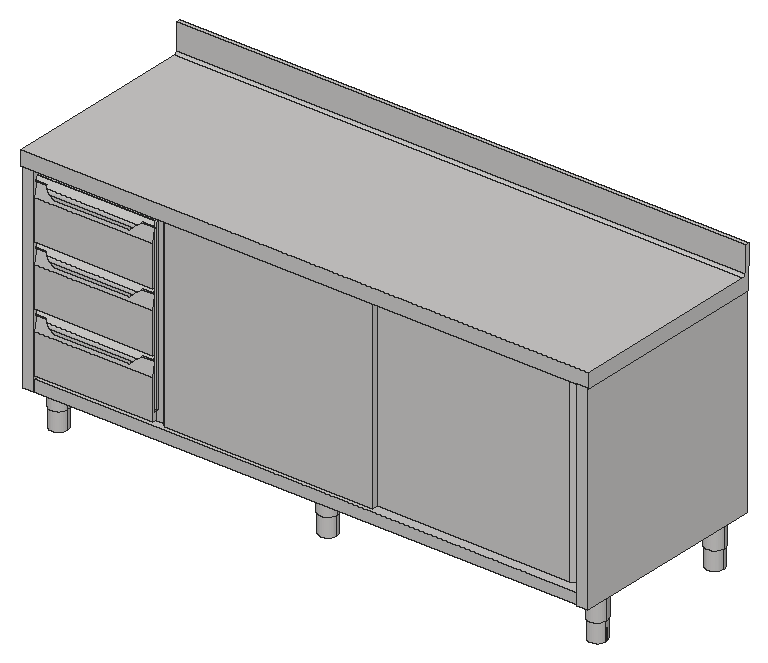
Revit family "QF_ZANUSSI_133172_NTA2010SXP", category Attrezzature speciali, Revit 2020
Family settings
  Quota connettore circolare = Usa diametro
  Tipo di parte = Normale
  Basato su piano di lavoro = No
  Sempre verticale = Sì
  Taglio con vuoti quando caricato = No
  Condiviso = No
  Punto di calcolo locali = No
Parameters (values of type "Standard")
  Weight = 80.00 kg
  Watts = 0 W
  Volts = 0 V
  URL Manufacturer = "http://www.zanussiprofessional.com"
  URL = "http://www.zanussiprofessional.com"
  Steam Supply Size = 0 mm
  Steam Supply Minimum Pressure = 0.0 Pa
  Steam Supply Maximum Pressure = 0.0 Pa
  Steam Consumption per Hour = 0
  Refrigeration Suction Line Size = 0.0 mm
  Refrigeration Liquid Line Size = 0.0 mm
  Refrigerant Compressor Remote = yes
  Prospetto di default = 0.0 mm
  Phase = 0
  Modello = "NTA2010SXP"
  Produttore = "Zanussi"
  Length Actual = 2000.0 mm  # constant formula
  Item Number = "133172"
  Hot Water Size = 0 mm
  Height Actual = 1000.0 mm  # constant formula
  HP = "0 HP"
  Gas Size = 0 mm
  Gas KW = 0
  Gas Input Pressure = 0 W
  Direct Waste Size = 0 mm
  Descrizione = "TABLE+SPLBACK3L/H DRAW 2SLID.DOORS2000MM"
  Depth Actual = 700.0 mm  # constant formula
  Cycle = 0 Hz
  Condensate Return Size = 0 mm
  Compressed Air Volume = 0.0 L/s
  Compressed Air Size = 0 mm
  Compressed Air Pressure = 0.0 Pa
  Cold Water Size = 0 mm
  Accessory = yes
Reference planes
  plane 1 "Center (Front/Back)": y = 0
  plane 2: z = 0
  plane 3 "BACK": y = 350
  plane 4 "FRONT": y = -350
  plane 5 "TOP": z = 900
  plane 6: y = 270
  plane 7: y = -247
  plane 8 "FEET": z = 150
  plane 9: y = -344.5
  plane 10 "BaseTop": z = 850
  plane 11: y = 344.5
  plane 12: z = 1000
  plane 13 "Center (Left/Right)": x = -200
  plane 14: x = 9
  plane 15 "Right": x = 800
  plane 16 "Left": x = -1200
  plane 17: x = 754
  plane 18: x = -1154
  plane 19: x = 756.5
  plane 20: x = -738.5
  plane 21: x = 33.5
  plane 22: x = -15.5
  plane 23: x = 794.5
  plane 24: x = -736
  plane 25: x = -1156.5
  plane 26: x = 747
  plane 27: x = -1147
  plane 28: x = -1194.5
Forms (mm)
  Extrusion 1, solid, material "QF_Finishes_Stainless Steel"
    sketch origin (-400, 0, 150) x (1, 0, 0) y (0, 1, 0)
      loop
        line (1194.5, 350) -> (1156.5, 350) -> (1156.5, -350) -> (1194.5, -350) -> (1194.5, 350)
      loop
        line (-756.4, 350) -> (-794.5, 350) -> (-794.5, -344.5) -> (-756.4, -344.5) -> (-756.4, 350)
    from 0 to 700
  Extrusion 2, solid, material "QF_Finishes_Stainless Steel"
    sketch origin (-400, 0, 150) x (1, 0, 0) y (0, 1, 0)
      loop
        line (1156.5, 347) -> (-756.5, 347) -> (-756.5, -344.5) -> (1156.5, -344.5) -> (1156.5, 347)
    from 0 to 40
  Extrusion 3, solid, material "QF_Finishes_Stainless Steel"
    sketch origin (-433, 0, 150) x (1, 0, 0) y (0, 1, 0)
      loop
        line (417.5, -324.5) -> (1146.034, -324.5) -> (1166.034, -307.5) -> (1185, -307.5) -> (1185, -315.812) -> (1176.312, -324.5) -> (1177.942, -326.129) -> (1187, -317.071) -> (1187, -304.5) -> (417.5, -304.5) -> (417.5, -324.5)
    from 700 to 50
  Extrusion 4, void
    sketch origin (-400, -350, 0) x (1, 0, 0) y (0, 0, -1)
      loop
        line (1142.418, -247.973) -> (1156.5, -229.369) -> (1156.5, -191.4) -> (1142.418, -191.4) -> (1142.418, -247.973)
      loop
        line (1142.418, -816.627) -> (1142.418, -850) -> (1156.5, -850) -> (1156.5, -835.231) -> (1142.418, -816.627)
    from 20.5 to 40.5
  Extrusion 5, solid, material "QF_Finishes_Stainless Steel"
    sketch origin (-400, 0, 150) x (1, 0, 0) y (0, 1, 0)
      loop
        line (-756.5, 350) -> (-756.5, 327) -> (1156.5, 327) -> (1156.5, 350) -> (-756.5, 350)
    from 700 to 40
  Extrusion 6, solid, material "QF_Finishes_Stainless Steel"
    sketch origin (9, 0, 0) x (0, 1, 0) y (0, 0, -1)
      loop
        line (-350, -900) -> (327, -900)
        arc (327, -900) -> (334.071, -902.929) -> (337, -910) r 10
        line (337, -910) -> (337, -1000) -> (350, -1000) -> (350, -850) -> (-350, -850) -> (-350, -900)
    from 1209 to -791
  Extrusion 7, solid, material "QF_Finishes_Stainless Steel"
    sketch origin (447, -20, 150) x (-1, 0, 0) y (0, -1, 0)
      loop
        line (413.5, 324.5) -> (413.5, 304.5) -> (1183, 304.5) -> (1183, 319.071) -> (1175.942, 326.129) -> (1174.312, 324.5) -> (1181, 317.812) -> (1181, 309.5) -> (1164.034, 309.5) -> (1144.034, 324.5) -> (413.5, 324.5)
    from 700 to 50
  Extrusion 8, void
    sketch origin (414, -350, 0) x (-1, 0, 0) y (0, 0, 1)
      loop
        line (1140.418, 247.973) -> (1140.418, 191.4) -> (1152.5, 191.4) -> (1152.5, 229.369) -> (1140.418, 247.973)
      loop
        line (1140.418, 816.627) -> (1152.5, 835.231) -> (1152.5, 850) -> (1140.418, 850) -> (1140.418, 816.627)
    from 2.49 to 20.5
  Extrusion 9, solid, material "QF_Finishes_Stainless Steel"
    sketch origin (0, 0, 850) x (-1, 0, 0) y (0, -1, 0)
      loop
        line (-756.5, 304.5) -> (-756.5, 299.5) -> (-754, 299.5) -> (-754, 304.5) -> (-756.5, 304.5)
    from 0 to -2
Cuts and joins
  Extrusion 4 cuts Extrusion 1
  Extrusion 4 cuts Extrusion 3
  Extrusion 4 cuts Extrusion 6
  Extrusion 8 cuts Extrusion 7
Lines and regions (mm)
  symbolic lines, style "SpecialityEquipment"
    curve 1: line (-1200, 350, 850) -> (800, 350, 850)
    curve 2: line (-1200, -350, 850) -> (-1200, 350, 850)
    curve 3: line (800, -350, 850) -> (-1200, -350, 850)
    curve 4: line (800, 350, 850) -> (800, -350, 850)
    curve 10: line (-1200, 337, 850) -> (800, 337, 850)
  symbolic lines, style "SpecialityEquipmentHiddenLines"
    curve 5: line (33.5, -324.5, 200) -> (33.5, -344.5, 200)
    curve 6: line (-631.5, -344.5, 850) -> (99.034, -344.5, 850)
    curve 7: line (99.034, -344.5, 850) -> (119.034, -329.5, 850)
    curve 8: line (119.034, -329.5, 850) -> (138, -329.5, 850)
    curve 9: line (138, -329.5, 850) -> (138, -324.5, 850)
    curve 11: line (754, -304.5, 850) -> (-15.5, -304.5, 850)
    curve 12: line (-15.5, -304.5, 850) -> (-15.5, -324.5, 850)
    curve 13: line (-736, -324.5, 850) -> (713.034, -324.5, 850)
    curve 14: line (713.034, -324.5, 850) -> (733.034, -309.5, 850)
    curve 15: line (733.034, -309.5, 850) -> (754, -309.5, 850)
    curve 16: line (754, -309.5, 850) -> (754, -304.5, 850)
    curve 17: line (-697.034, -344.5, 850) -> (-717.034, -329.5, 850)
    curve 18: line (-717.034, -329.5, 850) -> (-736, -329.5, 850)
    curve 19: line (-736, -329.5, 850) -> (-736, -324.5, 850)
Dimensions and locks
  plane 3 "BACK" to plane 4 "FRONT" = 700.0 mm
  equal spacing: plane 3 "BACK", plane 1 "Center (Front/Back)", plane 4 "FRONT"
  locked: plane 8 "FEET" to level at 150
  locked: plane 3 "BACK" to plane 6 at 80
  locked: plane 7 to plane 4 "FRONT" at 103
  plane 9 to plane 4 "FRONT" = 5.5 mm  (x2)
  plane 3 "BACK" to plane 11 = 5.5 mm
  plane 5 "TOP" to level = 900.0 mm
  locked: plane 12 to level at 1000
  plane 12 to plane 5 "TOP" = 100.0 mm
  plane 21 to plane 22 = 49.0 mm
  equal spacing: plane 21, plane 14, plane 22
  locked: plane 15 "Right" to plane 23 at 5.5
  locked: plane 23 to plane 19 at 38
  locked: plane 24 to plane 20 at 2.5
  equal spacing: plane 17, plane 14, plane 24
  locked: plane 17 to plane 24 at 1490
  locked: plane 15 "Right" to plane 16 "Left" at 2000
  locked: plane 26 to plane 23 at 47.5
  locked: plane 28 to plane 16 "Left" at 5.5
  locked: plane 25 to plane 28 at 38
  locked: plane 18 to plane 25 at 2.5
  locked: plane 28 to plane 27 at 47.5
  plane 15 "Right" to plane 16 "Left" = 2000.0 mm
  locked: plane 19 to plane 17 at 2.5
  aligned and locked: level to plane 2
  aligned and locked: Extrusion 1 to plane 19
  aligned and locked: plane 19 to Extrusion 2
  aligned and locked: Extrusion 3 to plane 22
  aligned and locked: nested 4 to nested 2
  aligned and locked: plane 19 to Extrusion 5
  aligned and locked: plane 15 "Right" to Extrusion 6
  aligned and locked: Extrusion 6 to plane 16 "Left"
  aligned and locked: plane 25 to Extrusion 2 sketch curve
  aligned and locked: nested 1 to plane 26
  aligned and locked: nested 3 to nested 1
  aligned and locked: nested 2 to plane 27
  aligned and locked: nested 6 to nested 5
  aligned and locked: plane 25 to Extrusion 5
  aligned and locked: curve 5 to cut or joined group of Extrusion 7, Extrusion 8
  aligned and locked: nested 7 to plane 18
Automatic sketch dimensions
  curve 5 to plane 9 = 0.0 mm
  plane 9 to curve 5 = 20.0 mm
  Extrusion 6 sketch curve to plane 4 "FRONT" = 0.0 mm
  Extrusion 6 sketch curve to plane 5 "TOP" = 0.0 mm
  Extrusion 6 sketch curve to plane 12 = 0.0 mm
  Extrusion 6 sketch curve to plane 3 "BACK" = 0.0 mm
  Extrusion 6 sketch curve to plane 10 "BaseTop" = 0.0 mm
  plane 11 to Extrusion 6 sketch curve = 17.5 mm
  plane 11 to Extrusion 6 sketch curve = 7.5 mm
  Extrusion 7 sketch curve to plane 21 = 0.0 mm
  Extrusion 7 sketch curve to plane 9 = 0.0 mm  (x2)
  Extrusion 7 sketch curve to plane 24 = 0.0 mm
  Extrusion 7 sketch curve to plane 24 = 38.966 mm
  Extrusion 7 sketch curve to plane 24 = 18.966 mm
  Extrusion 7 sketch curve to plane 24 = 8.688 mm
  Extrusion 7 sketch curve to plane 9 = 1.629 mm
  Extrusion 7 sketch curve to Extrusion 7 sketch curve = 1.629 mm
  Extrusion 7 sketch curve to plane 24 = 2.0 mm
  plane 9 to Extrusion 7 sketch curve = 15.0 mm
  Extrusion 7 sketch curve to Extrusion 7 sketch curve = 5.0 mm
  Extrusion 8 sketch curve to plane 10 "BaseTop" = 0.0 mm
  plane 20 to Extrusion 8 sketch curve = 0.0 mm  (x2)
  Extrusion 8 sketch curve to plane 24 = 9.582 mm  (x2)
  Extrusion 8 sketch curve to Extrusion 8 sketch curve = 14.769 mm
  Extrusion 8 sketch curve to Extrusion 8 sketch curve = 18.604 mm  (x2)
  plane 8 "FEET" to Extrusion 8 sketch curve = 97.973 mm
  Extrusion 8 sketch curve to Extrusion 8 sketch curve = 37.969 mm
  curve 4 to plane 3 "BACK" = 0.0 mm
  curve 4 to plane 15 "Right" = 0.0 mm
  curve 16 to plane 17 = 0.0 mm
  curve 6 to plane 9 = 0.0 mm
  curve 12 to plane 22 = 0.0 mm
  curve 17 to plane 9 = 0.0 mm
  curve 18 to plane 24 = 0.0 mm
  curve 3 to plane 4 "FRONT" = 0.0 mm
  curve 3 to plane 16 "Left" = 0.0 mm
  plane 26 to curve 14 = 13.966 mm
  curve 14 to curve 13 = 20.0 mm
  plane 9 to curve 8 = 15.0 mm
  curve 8 to plane 21 = 104.5 mm
  curve 8 to curve 8 = 18.966 mm
  curve 7 to curve 6 = 20.0 mm
  curve 18 to curve 18 = 18.966 mm
  plane 9 to curve 11 = 40.0 mm
  curve 11 to curve 16 = 5.0 mm
  plane 9 to curve 13 = 20.0 mm
  curve 13 to curve 19 = 5.0 mm
  curve 6 to curve 17 = 85.534 mm
  curve 17 to curve 17 = 20.0 mm
  curve 10 to plane 11 = 7.5 mm
  Extrusion 1 sketch curve to plane 9 = 0.0 mm
  Extrusion 1 sketch curve to plane 28 = 0.0 mm
  Extrusion 1 sketch curve to plane 3 "BACK" = 0.0 mm  (x2)
  Extrusion 1 sketch curve to plane 19 = 0.0 mm
  Extrusion 1 sketch curve to plane 4 "FRONT" = 0.0 mm
  Extrusion 1 sketch curve to plane 23 = 0.0 mm
  plane 25 to Extrusion 1 sketch curve = 0.1 mm
  Extrusion 2 sketch curve to plane 9 = 0.0 mm
  Extrusion 2 sketch curve to plane 19 = 0.0 mm
  plane 11 to Extrusion 2 sketch curve = 2.5 mm
  Extrusion 3 sketch curve to plane 22 = 0.0 mm
  Extrusion 3 sketch curve to plane 17 = 0.0 mm
  plane 26 to Extrusion 3 sketch curve = 33.966 mm
  plane 26 to Extrusion 3 sketch curve = 13.966 mm
  plane 26 to Extrusion 3 sketch curve = 3.688 mm
  plane 26 to Extrusion 3 sketch curve = 2.058 mm
  plane 17 to Extrusion 3 sketch curve = 2.0 mm
  plane 4 "FRONT" to Extrusion 3 sketch curve = 23.871 mm
  plane 9 to Extrusion 3 sketch curve = 20.0 mm
  Extrusion 3 sketch curve to Extrusion 3 sketch curve = 1.629 mm
  Extrusion 3 sketch curve to Extrusion 3 sketch curve = 8.312 mm
  Extrusion 3 sketch curve to Extrusion 3 sketch curve = 20.0 mm
  Extrusion 4 sketch curve to plane 10 "BaseTop" = 0.0 mm
  plane 19 to Extrusion 4 sketch curve = 0.0 mm  (x2)
  plane 26 to Extrusion 4 sketch curve = 4.582 mm  (x2)
  Extrusion 4 sketch curve to Extrusion 4 sketch curve = 14.769 mm
  Extrusion 4 sketch curve to Extrusion 4 sketch curve = 18.604 mm  (x2)
  plane 8 "FEET" to Extrusion 4 sketch curve = 97.973 mm
  Extrusion 4 sketch curve to Extrusion 4 sketch curve = 37.969 mm
  Extrusion 5 sketch curve to plane 3 "BACK" = 0.0 mm
  Extrusion 5 sketch curve to plane 25 = 0.0 mm
  Extrusion 5 sketch curve to plane 19 = 0.0 mm
  Extrusion 5 sketch curve to plane 11 = 17.5 mm
  Extrusion 9 sketch curve to plane 17 = 0.0 mm
  plane 19 to Extrusion 9 sketch curve = 0.0 mm
  plane 9 to Extrusion 9 sketch curve = 45.0 mm
  Extrusion 9 sketch curve to Extrusion 9 sketch curve = 5.0 mm
Nested families
  nested 1: "FEET_D60-150" at (747, -247, 0) x (-1, 0, 0) z (0, 0, 1), type "FEET_D60-150"
  nested 2: "FEET_D60-150" at (-1147, -247, 0) x (-1, 0, 0) z (0, 0, 1), type "FEET_D60-150"
  nested 3: "FEET_D60-150" at (747, 270, 0) x (-1, 0, 0) z (0, 0, 1), type "FEET_D60-150"
  nested 4: "FEET_D60-150" at (-1147, 270, 0) x (-1, 0, 0) z (0, 0, 1), type "FEET_D60-150"
  nested 5: "FEET_D60-150" at (-200, -247, 0) x (-1, 0, 0) z (0, 0, 1), type "FEET_D60-150"
  nested 6: "FEET_D60-150" at (-200, 270, 0) x (-1, 0, 0) z (0, 0, 1), type "FEET_D60-150"
  nested 7: "H637_600_3DRAWERS" at (-910.458, -304.5, 152) x (-1, 0, 0) z (0, -1, 0), type "H637_600_3DRAWERS"
    with Show Clearance yes
Definition of nested family "FEET_D60-150"
  Parameters
    Default Elevation = 0.0 mm
    FEET = 150.0 mm
  Reference planes
    plane 1 "Center (Front/Back)": y = 0
    plane 2: z = 0
    plane 3 "Center (Left/Right)": x = 0
    plane 4: z = 150
  Forms (mm)
    Extrusion 1, solid
      sketch origin (0, 0, 0) x (1, 0, 0) y (0, 1, 0)
        loop
          circle (0, 0) r 28
      from 0 to 67
    Revolve 2, solid
      sketch origin (0, 0, 0) x (1, 0, 0) y (0, 0, 1)
        loop
          line (0, 0) -> (0, 150) -> (-32.939, 150) -> (-32.939, 67) -> (-30, 67) -> (-30, 0) -> (0, 0)
        axis (0, 150) -> (0, 0)
      angle from 0 to 360
  Lines and regions (mm)
    symbolic lines
      curve 1: line (0, -1.503, 0) -> (0, 1.508, 0)
      curve 2: line (1.561, 0, 0) -> (-1.439, 0, 0)
  Dimensions and locks
    "FEET": plane 4 to plane 2
    aligned and locked: level to plane 2
  Automatic sketch dimensions
    plane 1 "Center (Front/Back)" to Extrusion 1 sketch curve = 0.0 mm
    Extrusion 1 sketch curve to plane 3 "Center (Left/Right)" = 0.0 mm
    plane 1 "Center (Front/Back)" to curve 2 = 0.0 mm
    curve 1 to plane 3 "Center (Left/Right)" = 0.0 mm
    curve 2 to plane 3 "Center (Left/Right)" = 1.439 mm
    plane 3 "Center (Left/Right)" to curve 2 = 1.561 mm
    plane 1 "Center (Front/Back)" to curve 1 = 1.503 mm
    curve 1 to plane 1 "Center (Front/Back)" = 1.508 mm
    Revolve 2 sketch curve to plane 4 = 0.0 mm
    Revolve 2 sketch curve to level = 0.0 mm
    Revolve 2 sketch curve to plane 3 "Center (Left/Right)" = 0.0 mm  (x2)
    Revolve 2 sketch curve to plane 3 "Center (Left/Right)" = 30.0 mm
    Revolve 2 sketch curve to plane 3 "Center (Left/Right)" = 32.939 mm
    level to Revolve 2 sketch curve = 67.0 mm
    Revolve 2 sketch curve to level = 42.207 mm
    Revolve 2 sketch curve to Revolve 2 sketch curve = 10.0 mm
    radius of Extrusion 1 sketch curve = 28.0 mm
Definition of nested family "H637_600_3DRAWERS"
  Parameters
    Width = 419.0 mm
    Show Clearance [instance] = yes
    Model = "727995"
    Height = 700.0 mm
    Default Elevation = 0.0 mm
  Reference planes
    plane 1 "Center (Front/Back)": y = 0
    plane 2: z = 0
    plane 3 "Center (Left/Right)": x = 36.042
    plane 4 "panel": z = 25
    plane 5 "Left": x = -173.458
    plane 6 "Right": x = 245.542
    plane 7: y = 700
    plane 8: z = 45
    plane 9: x = 243.542
    plane 10: x = -171.458
    plane 11: y = 676
    plane 12: y = 38
    plane 13: z = 499.734
    plane 14: y = 470
    plane 15: y = 465
    plane 16: y = 259
    plane 17: y = 254
    plane 18: y = 48
  Forms (mm)
    Extrusion 1, solid
      sketch origin (0, -919.2, 0) x (1, 0, 0) y (0, 1, 0)
        loop
          line (-980.5, 2119.2) -> (-980.5, -162.846) -> (881.94, -162.846) -> (881.94, 2119.2) -> (-980.5, 2119.2)
      from 0 to -59.546
    Extrusion 2, solid
      sketch origin (36.042, -645.693, 0) x (0, 1, 0) y (0, 0, 1)
        loop
          line (856.63, 49.734) -> (856.63, 47.734) -> (866.98, 47.734)
          arc (866.98, 47.734) -> (873.586, 46.42) -> (879.186, 42.679) r 17.261
          line (879.186, 42.679) -> (896.019, 25.845) -> (899.693, 25) -> (880.6, 44.093)
          arc (880.6, 44.093) -> (874.351, 48.268) -> (866.98, 49.734) r 19.261
          line (866.98, 49.734) -> (856.63, 49.734)
      from -207.5 to 207.5
    Extrusion 3, solid, detail levels coarse
      sketch origin (0, 0, 0) x (1, 0, 0) y (0, 0, 1)
        loop
          line (-171.458, 40) -> (243.542, 40) -> (243.542, 499.734) -> (-171.458, 499.734) -> (-171.458, 40)
      from -48 to -254
    Extrusion 4, solid
      sketch origin (36.042, -616, 0) x (0, 1, 0) y (0, 0, 1)
        loop
          line (664.4, 40) -> (664.4, 0) -> (870, 0) -> (870, 25) -> (804.797, 40) -> (664.4, 40)
      from 207.5 to -207.5
    Extrusion 5, void
      sketch origin (0, 0, 0) x (1, 0, 0) y (0, 1, 0)
        loop
          line (-99.744, 213.799) -> (-133.705, 243.322) -> (-166.458, 243.322)
          arc (-166.458, 243.322) -> (-169.994, 244.786) -> (-171.458, 248.322) r 5
          line (-171.458, 248.322) -> (-171.458, 210.937) -> (-91.403, 210.937)
          arc (-91.403, 210.937) -> (-95.762, 211.819) -> (-99.744, 213.799) r 17.035
      from 36.678 to 53.74
    Extrusion 6, void
      sketch origin (72.084, 0, 0) x (-1, 0, 0) y (0, -1, 0)
        loop
          arc (-99.744, -213.799) -> (-95.762, -211.819) -> (-91.403, -210.937) r 17.035
          line (-91.403, -210.937) -> (-171.458, -210.937) -> (-171.458, -248.322)
          arc (-171.458, -248.322) -> (-169.994, -244.786) -> (-166.458, -243.322) r 5
          line (-166.458, -243.322) -> (-133.705, -243.322) -> (-99.744, -213.799)
      from 36.678 to 53.74
    Extrusion 7, solid
      sketch origin (36.042, -434.693, 0) x (0, 1, 0) y (0, 0, 1)
        loop
          line (856.63, 49.734) -> (856.63, 47.734) -> (866.98, 47.734)
          arc (866.98, 47.734) -> (873.586, 46.42) -> (879.186, 42.679) r 17.261
          line (879.186, 42.679) -> (896.019, 25.845) -> (899.693, 25) -> (880.6, 44.093)
          arc (880.6, 44.093) -> (874.351, 48.268) -> (866.98, 49.734) r 19.261
          line (866.98, 49.734) -> (856.63, 49.734)
      from -207.5 to 207.5
    Extrusion 8, solid
      sketch origin (36.042, -405, 0) x (0, 1, 0) y (0, 0, 1)
        loop
          line (664, 40) -> (664, 0) -> (870, 0) -> (870, 25) -> (804.797, 40) -> (664, 40)
      from 207.5 to -207.5
    Extrusion 9, void
      sketch origin (0, 211, 0) x (1, 0, 0) y (0, 1, 0)
        loop
          line (-99.744, 213.799) -> (-133.705, 243.322) -> (-166.458, 243.322)
          arc (-166.458, 243.322) -> (-169.994, 244.786) -> (-171.458, 248.322) r 5
          line (-171.458, 248.322) -> (-171.458, 210.937) -> (-91.403, 210.937)
          arc (-91.403, 210.937) -> (-95.762, 211.819) -> (-99.744, 213.799) r 17.035
      from 36.678 to 53.74
    Extrusion 10, void
      sketch origin (72.084, 211, 0) x (-1, 0, 0) y (0, -1, 0)
        loop
          arc (-99.744, -213.799) -> (-95.762, -211.819) -> (-91.403, -210.937) r 17.035
          line (-91.403, -210.937) -> (-171.458, -210.937) -> (-171.458, -248.322)
          arc (-171.458, -248.322) -> (-169.994, -244.786) -> (-166.458, -243.322) r 5
          line (-166.458, -243.322) -> (-133.705, -243.322) -> (-99.744, -213.799)
      from 36.678 to 53.74
    Extrusion 11, solid
      sketch origin (36.042, -223.693, 0) x (0, 1, 0) y (0, 0, 1)
        loop
          line (856.63, 49.734) -> (856.63, 47.734) -> (866.98, 47.734)
          arc (866.98, 47.734) -> (873.586, 46.42) -> (879.186, 42.679) r 17.261
          line (879.186, 42.679) -> (896.019, 25.845) -> (899.693, 25) -> (880.6, 44.093)
          arc (880.6, 44.093) -> (874.351, 48.268) -> (866.98, 49.734) r 19.261
          line (866.98, 49.734) -> (856.63, 49.734)
      from -207.5 to 207.5
    Extrusion 12, solid
      sketch origin (36.042, -194, 0) x (0, 1, 0) y (0, 0, 1)
        loop
          line (664, 40) -> (664, 0) -> (870, 0) -> (870, 25) -> (804.797, 40) -> (664, 40)
      from 207.5 to -207.5
    Extrusion 13, void
      sketch origin (0, 422, 0) x (1, 0, 0) y (0, 1, 0)
        loop
          line (-99.744, 213.799) -> (-133.705, 243.322) -> (-166.458, 243.322)
          arc (-166.458, 243.322) -> (-169.994, 244.786) -> (-171.458, 248.322) r 5
          line (-171.458, 248.322) -> (-171.458, 210.937) -> (-91.403, 210.937)
          arc (-91.403, 210.937) -> (-95.762, 211.819) -> (-99.744, 213.799) r 17.035
      from 36.678 to 53.74
    Extrusion 14, void
      sketch origin (72.084, 422, 0) x (-1, 0, 0) y (0, -1, 0)
        loop
          arc (-99.744, -213.799) -> (-95.762, -211.819) -> (-91.403, -210.937) r 17.035
          line (-91.403, -210.937) -> (-171.458, -210.937) -> (-171.458, -248.322)
          arc (-171.458, -248.322) -> (-169.994, -244.786) -> (-166.458, -243.322) r 5
          line (-166.458, -243.322) -> (-133.705, -243.322) -> (-99.744, -213.799)
      from 36.678 to 53.74
    Extrusion 15, solid, detail levels coarse
      sketch origin (0, 0, 0) x (1, 0, 0) y (0, 0, 1)
        loop
          line (-171.458, 40) -> (243.542, 40) -> (243.542, 499.734) -> (-171.458, 499.734) -> (-171.458, 40)
      from -259 to -465
    Extrusion 16, solid, detail levels coarse
      sketch origin (0, 0, 0) x (1, 0, 0) y (0, 0, 1)
        loop
          line (-171.458, 40) -> (243.542, 40) -> (243.542, 499.734) -> (-171.458, 499.734) -> (-171.458, 40)
      from -470 to -676
  Cuts and joins
    Extrusion 5, Extrusion 6, Extrusion 9, Extrusion 10 cuts Extrusion 2
    Extrusion 5 cuts Extrusion 4
    Extrusion 9, Extrusion 10, Extrusion 13, Extrusion 14 cuts Extrusion 7
    Extrusion 13, Extrusion 14 cuts Extrusion 11
  Lines and regions (mm)
    symbolic lines
      curve 1: line (243.542, 0, 179.734) -> (243.542, 0, 199.734)
      curve 2: line (212.235, 0, 49.734) -> (-171.458, 0, 49.734)
      curve 3: spline (231.959, 0, 44.389) -> (230.421, 0, 45.265) -> (228.856, 0, 46.066) -> (227.265, 0, 46.791) -> (225.651, 0, 47.437) -> (224.017, 0, 48.005) -> (222.365, 0, 48.493) -> (220.698, 0, 48.9) -> (219.019, 0, 49.226) -> (217.331, 0, 49.471) -> (215.636, 0, 49.633) -> (213.936, 0, 49.712) -> (212.236, 0, 49.71)
      curve 4: line (238.456, 0, 40) -> (231.959, 0, 44.389)
      curve 5: line (243.542, 0, 500) -> (-171.458, 0, 500)
      curve 6: line (243.542, 0, 349.734) -> (-171.458, 0, 349.734)
      curve 7: line (243.542, 0, 199.734) -> (-171.458, 0, 199.734)
      curve 8: line (243.542, 0, 480) -> (-171.458, 0, 480)
      curve 9: line (243.542, 0, 329.734) -> (-171.458, 0, 329.734)
      curve 10: line (243.542, 0, 179.734) -> (-171.458, 0, 179.734)
      curve 11: line (-156.458, 0, 49.734) -> (-156.458, 0, 179.734)
      curve 12: line (-156.458, 0, 349.734) -> (-156.458, 0, 480)
      curve 13: line (-156.458, 0, 199.734) -> (-156.458, 0, 329.734)
      curve 14: line (228.542, 0, 49.734) -> (228.542, 0, 179.734)
      curve 15: line (228.542, 0, 349.734) -> (228.542, 0, 480)
      curve 16: line (228.542, 0, 199.734) -> (228.542, 0, 329.734)
      curve 17: line (243.542, 0, 480) -> (243.542, 0, 500)
      curve 18: line (243.542, 0, 329.734) -> (243.542, 0, 349.734)
      curve 19: line (-171.458, 0, 179.734) -> (-171.458, 0, 199.734)
      curve 20: line (-171.458, 0, 480) -> (-171.458, 0, 500)
      curve 21: line (-171.458, 0, 329.734) -> (-171.458, 0, 349.734)
  Dimensions and locks
    plane 4 "panel" to level = 25.0 mm
    "Width": plane 5 "Left" to plane 6 "Right"
    equal spacing: plane 5 "Left", plane 3 "Center (Left/Right)", plane 6 "Right"
    "Height": plane 1 "Center (Front/Back)" to plane 7
    plane 9 to plane 6 "Right" = 2.0 mm
    plane 5 "Left" to plane 10 = 2.0 mm
    plane 7 to plane 11 = 24.0 mm
    plane 1 "Center (Front/Back)" to plane 12 = 38.0 mm
    plane 10 to plane 9 = 415.0 mm
    plane 11 to plane 14 = 206.0 mm
    locked: plane 14 to plane 15 at 5
    plane 15 to plane 16 = 206.0 mm
    locked: plane 16 to plane 17 at 5
    plane 17 to plane 18 = 206.0 mm  (x2)
    plane 16 to plane 17 = 5.0 mm
    plane 14 to plane 15 = 5.0 mm
    plane 16 to plane 15 = 206.0 mm
    plane 14 to plane 11 = 206.0 mm
    aligned and locked: plane 2 to Extrusion 1
    aligned and locked: level to Extrusion 1
    aligned and locked: plane 9 to Extrusion 4
    aligned and locked: plane 10 to Extrusion 4
  Automatic sketch dimensions
    Extrusion 1 sketch curve to Extrusion 1 sketch curve = 1862.44 mm
    Extrusion 1 sketch curve to Extrusion 1 sketch curve = 2282.046 mm
    Extrusion 2 sketch curve to Extrusion 2 sketch curve = 0.0 mm  (x2)
    Extrusion 2 sketch curve to plane 4 "panel" = 0.0 mm
    Extrusion 2 sketch curve to plane 17 = 0.0 mm
    plane 4 "panel" to Extrusion 2 sketch curve = 0.845 mm
    Extrusion 2 sketch curve to plane 17 = 3.674 mm
    Extrusion 2 sketch curve to plane 8 = 0.907 mm
    Extrusion 2 sketch curve to plane 17 = 19.093 mm
    Extrusion 2 sketch curve to plane 8 = 2.321 mm
    Extrusion 2 sketch curve to Extrusion 2 sketch curve = 1.414 mm
    plane 4 "panel" to Extrusion 2 sketch curve = 5.474 mm
    Extrusion 2 sketch curve to Extrusion 2 sketch curve = 12.205 mm
    Extrusion 2 sketch curve to Extrusion 2 sketch curve = 10.351 mm
    Extrusion 4 sketch curve to level = 0.0 mm
    Extrusion 4 sketch curve to plane 4 "panel" = 0.0 mm
    Extrusion 4 sketch curve to plane 17 = 0.0 mm
    Extrusion 4 sketch curve to plane 8 = 5.0 mm
    Extrusion 4 sketch curve to plane 17 = 65.203 mm
    plane 18 to Extrusion 4 sketch curve = 0.4 mm
    Extrusion 7 sketch curve to Extrusion 7 sketch curve = 0.0 mm  (x2)
    Extrusion 7 sketch curve to plane 4 "panel" = 0.0 mm
    Extrusion 7 sketch curve to plane 15 = 0.0 mm
    plane 4 "panel" to Extrusion 7 sketch curve = 0.845 mm
    Extrusion 7 sketch curve to plane 15 = 3.674 mm
    Extrusion 7 sketch curve to plane 8 = 0.907 mm
    Extrusion 7 sketch curve to plane 15 = 19.093 mm
    Extrusion 7 sketch curve to plane 8 = 2.321 mm
    Extrusion 7 sketch curve to Extrusion 7 sketch curve = 1.414 mm
    plane 4 "panel" to Extrusion 7 sketch curve = 5.474 mm
    Extrusion 7 sketch curve to Extrusion 7 sketch curve = 12.205 mm
    Extrusion 7 sketch curve to Extrusion 7 sketch curve = 10.351 mm
    Extrusion 8 sketch curve to plane 16 = 0.0 mm
    Extrusion 8 sketch curve to plane 4 "panel" = 0.0 mm
    Extrusion 8 sketch curve to plane 15 = 0.0 mm
    Extrusion 8 sketch curve to level = 0.0 mm
    Extrusion 8 sketch curve to plane 8 = 5.0 mm
    Extrusion 8 sketch curve to plane 15 = 65.203 mm
    Extrusion 11 sketch curve to Extrusion 11 sketch curve = 0.0 mm  (x2)
    Extrusion 11 sketch curve to plane 4 "panel" = 0.0 mm
    Extrusion 11 sketch curve to plane 11 = 0.0 mm
    plane 4 "panel" to Extrusion 11 sketch curve = 0.845 mm
    Extrusion 11 sketch curve to plane 11 = 3.674 mm
    Extrusion 11 sketch curve to plane 8 = 0.907 mm
    Extrusion 11 sketch curve to plane 11 = 19.093 mm
    Extrusion 11 sketch curve to plane 8 = 2.321 mm
    Extrusion 11 sketch curve to Extrusion 11 sketch curve = 1.414 mm
    plane 4 "panel" to Extrusion 11 sketch curve = 5.474 mm
    Extrusion 11 sketch curve to Extrusion 11 sketch curve = 12.205 mm
    Extrusion 11 sketch curve to Extrusion 11 sketch curve = 10.351 mm
    Extrusion 12 sketch curve to plane 14 = 0.0 mm
    Extrusion 12 sketch curve to plane 4 "panel" = 0.0 mm
    Extrusion 12 sketch curve to plane 11 = 0.0 mm
    Extrusion 12 sketch curve to level = 0.0 mm
    Extrusion 12 sketch curve to plane 8 = 5.0 mm
    Extrusion 12 sketch curve to plane 11 = 65.203 mm
    plane 10 to curve 21 = 0.0 mm
    plane 10 to curve 20 = 0.0 mm
    plane 10 to curve 2 = 0.0 mm
    plane 10 to curve 19 = 0.0 mm
    curve 6 to plane 9 = 0.0 mm
    curve 7 to plane 9 = 0.0 mm
    curve 17 to plane 9 = 0.0 mm
    curve 4 to plane 8 = 0.611 mm
    curve 4 to plane 9 = 11.583 mm
    plane 8 to curve 19 = 134.734 mm
    curve 19 to curve 19 = 20.0 mm
    curve 1 to curve 18 = 130.0 mm
    curve 9 to curve 18 = 20.0 mm
    plane 13 to curve 17 = 19.734 mm
    curve 20 to plane 13 = 0.266 mm
    plane 8 to curve 11 = 4.734 mm
    curve 11 to plane 10 = 15.0 mm
    curve 21 to curve 12 = 15.0 mm
    curve 19 to curve 13 = 15.0 mm
    curve 2 to curve 3 = 19.723 mm
    curve 2 to curve 3 = 0.0 mm
    curve 3 to level = 1.281 mm
    curve 3 to plane 6 "Right" = 32.398 mm
    curve 15 to curve 6 = 15.0 mm
    curve 14 to curve 1 = 15.0 mm
    curve 16 to curve 1 = 15.0 mm
    curve 4 to plane 9 = 5.086 mm
    curve 4 to plane 8 = 5.0 mm
    curve 3 to curve 2 = 0.025 mm
    plane 8 to curve 14 = 4.734 mm
    plane 10 to Extrusion 3 sketch curve = 0.0 mm
    Extrusion 3 sketch curve to plane 9 = 0.0 mm
    Extrusion 3 sketch curve to plane 13 = 0.0 mm
    Extrusion 3 sketch curve to plane 8 = 5.0 mm
    Extrusion 5 sketch curve to plane 10 = 0.0 mm
    Extrusion 5 sketch curve to plane 10 = 5.0 mm
    Extrusion 5 sketch curve to plane 17 = 10.678 mm
    Extrusion 5 sketch curve to Extrusion 5 sketch curve = 32.753 mm
    Extrusion 5 sketch curve to Extrusion 5 sketch curve = 33.961 mm
    Extrusion 5 sketch curve to Extrusion 5 sketch curve = 8.34 mm
    Extrusion 5 sketch curve to Extrusion 5 sketch curve = 9.511 mm
    Extrusion 5 sketch curve to plane 17 = 26.068 mm
    Extrusion 5 sketch curve to Extrusion 5 sketch curve = 14.132 mm
    Extrusion 6 sketch curve to plane 9 = 0.0 mm
    plane 9 to Extrusion 6 sketch curve = 5.0 mm
    plane 17 to Extrusion 6 sketch curve = 10.678 mm
    Extrusion 6 sketch curve to Extrusion 6 sketch curve = 32.753 mm
    Extrusion 6 sketch curve to Extrusion 6 sketch curve = 33.961 mm
    Extrusion 6 sketch curve to Extrusion 6 sketch curve = 8.34 mm
    Extrusion 6 sketch curve to Extrusion 6 sketch curve = 1.171 mm
    plane 17 to Extrusion 6 sketch curve = 26.068 mm
    Extrusion 6 sketch curve to Extrusion 6 sketch curve = 14.132 mm
    Extrusion 9 sketch curve to plane 10 = 0.0 mm
    Extrusion 9 sketch curve to plane 10 = 5.0 mm
    Extrusion 9 sketch curve to plane 15 = 10.678 mm
    Extrusion 9 sketch curve to Extrusion 9 sketch curve = 32.753 mm
    Extrusion 9 sketch curve to Extrusion 9 sketch curve = 33.961 mm
    Extrusion 9 sketch curve to Extrusion 9 sketch curve = 8.34 mm
    Extrusion 9 sketch curve to Extrusion 9 sketch curve = 9.511 mm
    Extrusion 9 sketch curve to plane 15 = 26.068 mm
    Extrusion 9 sketch curve to Extrusion 9 sketch curve = 14.132 mm
    Extrusion 10 sketch curve to plane 9 = 0.0 mm
    plane 9 to Extrusion 10 sketch curve = 5.0 mm
    plane 15 to Extrusion 10 sketch curve = 10.678 mm
    Extrusion 10 sketch curve to Extrusion 10 sketch curve = 32.753 mm
    Extrusion 10 sketch curve to Extrusion 10 sketch curve = 33.961 mm
    Extrusion 10 sketch curve to Extrusion 10 sketch curve = 8.34 mm
    Extrusion 10 sketch curve to Extrusion 10 sketch curve = 1.171 mm
    plane 15 to Extrusion 10 sketch curve = 26.068 mm
    Extrusion 10 sketch curve to Extrusion 10 sketch curve = 14.132 mm
    Extrusion 13 sketch curve to plane 10 = 0.0 mm
    Extrusion 13 sketch curve to plane 10 = 5.0 mm
    Extrusion 13 sketch curve to plane 11 = 10.678 mm
    Extrusion 13 sketch curve to Extrusion 13 sketch curve = 32.753 mm
    Extrusion 13 sketch curve to Extrusion 13 sketch curve = 33.961 mm
    Extrusion 13 sketch curve to Extrusion 13 sketch curve = 8.34 mm
    Extrusion 13 sketch curve to Extrusion 13 sketch curve = 9.511 mm
    Extrusion 13 sketch curve to plane 11 = 26.068 mm
    Extrusion 13 sketch curve to Extrusion 13 sketch curve = 14.132 mm
    Extrusion 14 sketch curve to plane 9 = 0.0 mm
    plane 9 to Extrusion 14 sketch curve = 5.0 mm
    plane 11 to Extrusion 14 sketch curve = 10.678 mm
    Extrusion 14 sketch curve to Extrusion 14 sketch curve = 32.753 mm
    Extrusion 14 sketch curve to Extrusion 14 sketch curve = 33.961 mm
    Extrusion 14 sketch curve to Extrusion 14 sketch curve = 8.34 mm
    Extrusion 14 sketch curve to Extrusion 14 sketch curve = 1.171 mm
    plane 11 to Extrusion 14 sketch curve = 26.068 mm
    Extrusion 14 sketch curve to Extrusion 14 sketch curve = 14.132 mm
    plane 10 to Extrusion 15 sketch curve = 0.0 mm
    Extrusion 15 sketch curve to plane 9 = 0.0 mm
    Extrusion 15 sketch curve to plane 8 = 5.0 mm
    plane 13 to Extrusion 15 sketch curve = 0.0 mm
    plane 10 to Extrusion 16 sketch curve = 0.0 mm
    Extrusion 16 sketch curve to plane 9 = 0.0 mm
    Extrusion 16 sketch curve to plane 8 = 5.0 mm
    plane 8 to Extrusion 16 sketch curve = 454.734 mm
